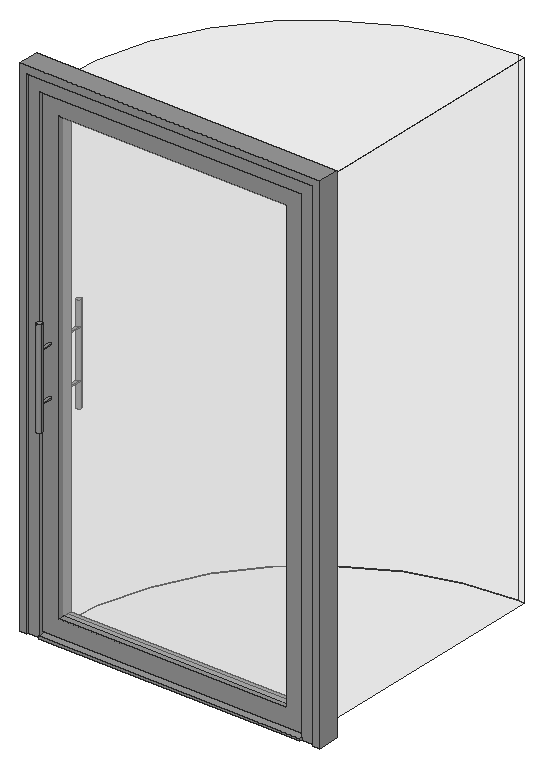
Revit family "AVLN_Дверь_Однопольная_Алюминиевая", category Двери, Revit 2021
Family settings
  Основа = Стена
  Номер OmniClass = 23.30.10.00
  Заголовок OmniClass = Doors
  Всегда вертикально = Да
  При загрузке вырезать с полостями = Нет
  Общий = Нет
  Точка принадлежности помещению = Нет
Parameters (values of type "Дверь_наружняя_левая_1240х2100")
  Ширина полотна [instance] = Width - Монтажный зазор * 2 - Коробка толщина * 2 - 10 mm  # 1010 mm
  Фрамуга = no
  Тонкая линия проема [instance] = yes
  Толщина коробки = 70 mm
  Толщина = 85 mm  # constant formula
  Тип ручки = Дв_Дверная ручка : Ручка стационарная
  Смещение проема [instance] = 0 mm
  Смещение внутрь = 10 mm
  СП1 [instance] = if(Смещение проема = 0 mm, 10 mm, 0 mm)  # 10 mm
  Ручка смещение = 10 mm  # constant formula
  Ручка высота = 1000 mm  # constant formula
  Рабочая зона = no
  Rough Width = Width - Монтажный зазор * 2  # 1180 mm
  Rough Height = Height - Монтажный зазор  # 2070 mm
  Правая = no
  Порог_наружный_смещение [instance] = 0 mm
  Порог_внутренний_смещение [instance] = 0 mm
  Порог_внутренний [instance] = no
  Порожек = yes
  Порог [instance] = no
  Определить тепловые свойства по = Тип схем
  Открывание 30° = yes
  Монтажный зазор = 30 mm
  Материал_Рама = Аллюминиевый
  Материал_Рабочая зона = none
  Материал_Панель.Фрамуги = ADSK_Стекло_Прозрачное бесцветное
  Материал_Панель.2 = AVLN_Остекление окон и дверей
  Материал_Монтажный зазор = Монтажный зазор
  Материал_Панель.1 = AVLN_Остекление окон и дверей
  Материал_Дверной ручки = Аллюминиевый
  Левая = not(Правая)  # yes
  Коробка.Доп.Ширина = 20 mm  # constant formula
  Коробка толщина = 80 mm  # constant formula
  Type Comments = ""
  Заполнение под проемом_Видимость [instance] = if(Смещение проема = 0 mm, 1 = 0, 1 = 1)  # no
  Функция = Наружные слои
  Группа модели = "Дверь"
  Горизонтальный импост = no
  Глухое заполнение фрамуги = no
  Высота фрамуги = 450 mm
  Высота порога = 10 mm
  Высота горизонтального импоста = 750 mm
  ВФ2 = if(ВФ = 40 mm, 0 mm, 30 mm)  # 0 mm
  ВФ = if(not(Фрамуга), 40 mm, Высота фрамуги + 70 mm)  # 40 mm
  ВП = if(not(Порожек), 0 mm, Высота порога)  # 10 mm
  Height = 2100 mm
  Замыкание стены = По основе
  Width = 1240 mm
  Аналитическая конструкция = "<Нет>"
  АВЛН_Проем_Ширина [instance] = Width  # 1240 mm
  АВЛН_Проем_Высота [instance] = Height + Смещение проема  # 2100 mm
  ADSK_Примечание [instance] = ""
  ADSK_Позиция [instance] = ""
  ADSK_Площадь [instance] = 0.00 m²
  ADSK_Обозначение = "ГОСТ 23747-2015"
  ADSK_Наименование = "ДО-24-13л"
  ADSK_Масса = 0
  ADSK_Марка [instance] = "ДН4"
  ADSK_Количество [instance] = 0
  ADSK_Единица измерения [instance] = ""
  СМ = Смещение внутрь + Толщина  # 95 mm
  1 = Монтажный зазор * 2 + 110 mm  # 170 mm
Types (10, lengths in mm): name | Ширина полотна | Фрамуга | Толщина коробки | Смещение внутрь | Рабочая зона | Rough Width | Rough Height | Правая | Открывание 30° | Монтажный зазор | Материал_Рама | Материал_Рабочая зона | Материал_Панель.Фрамуги | Материал_Панель.2 | Материал_Монтажный зазор | Материал_Панель.1 | Материал_Дверной ручки | Левая | Type Comments | Глухое заполнение фрамуги | ВФ2 | ВФ | Height | Width | АВЛН_Проем_Ширина | АВЛН_Проем_Высота | ADSK_Обозначение | ADSK_Наименование | ADSK_Марка | СМ | 1
  Дверь_наружняя_левая_1240х2100 | 1010 | no | 70 | 10 | no | 1180 | 2070 | no | yes | 30 | Аллюминиевый | none | ADSK_Стекло_Прозрачное бесцветное | AVLN_Остекление окон и дверей | Монтажный зазор | AVLN_Остекление окон и дверей | Аллюминиевый | yes | "" | no | 0 | 40 | 2100 | 1240 | 1240 | 2100 | "ГОСТ 23747-2015" | "ДО-24-13л" | "ДН4" | 95 | 170
  Дверь_наружняя_правая_1240х2100 | 1030 | no | 70 | 10 | no | 1200 | 2080 | yes | yes | 20 | AVLN_Материал импоста_RAL 7024 | AVLN_Материал импоста_RAL 7024 | ADSK_Стекло_Прозрачное бесцветное | ADSK_Стекло_Прозрачное бесцветное | AVLN_Материал импоста_RAL 7024 | АВЛН_Остекление окон и дверей | AVLN_Материал импоста_RAL 7024 | no | "Двери наружные" | yes | 0 | 40 | 2100 | 1240 | 1240 | 2100 | "ГОСТ 23747-2015" | "ДО-24-13л" | "ДН4" | 95 | 150
  Дверь_наружняя_правая_1000х2100 | 890 | no | 70 | 10 | no | 1060 | 2080 | yes | yes | 20 | AVLN_Материал импоста_RAL 7024 | AVLN_Материал импоста_RAL 7024 | ADSK_Стекло_Прозрачное бесцветное | AVLN_Остекление окон и дверей | AVLN_Материал импоста_RAL 7024 | AVLN_Остекление окон и дверей | AVLN_Материал импоста_RAL 7024 | no | "" | no | 0 | 40 | 2100 | 1100 | 1100 | 2100 | "ГОСТ 23747-2015" | "ДО-24-13л" | "ДН4" | 95 | 150
  Дверь_наружняя_с фрамугой_левая_1270х2500 | 1100 | yes | 95 | 50 | yes | 1270 | 2465 | no | no | 35 | Аллюминиевый | none | ADSK_Стекло_Прозрачное бесцветное | ADSK_Стекло_Прозрачное бесцветное | Монтажный зазор | ADSK_Стекло_Прозрачное бесцветное | Аллюминиевый | yes | "" | yes | 30 | 520 | 2500 | 1340 | 1340 | 2500 | "ДАН О П Ф Оп Л Р" | "ГОСТ 23747-2015" | "" | 135 | 180
  Дверь_наружняя_левая_1270х2100 | 1100 | no | 95 | 50 | yes | 1270 | 2065 | no | no | 35 | Аллюминиевый | none | ADSK_Стекло_Прозрачное бесцветное | ADSK_Стекло_Прозрачное бесцветное | Монтажный зазор | ADSK_Стекло_Прозрачное бесцветное | Аллюминиевый | yes | "" | yes | 0 | 40 | 2100 | 1340 | 1340 | 2100 | "ДАН О П Оп Л Р" | "ГОСТ 23747-2015" | "" | 135 | 180
  Дверь_наружняя_правая_1270х2100 | 1100 | no | 95 | 50 | yes | 1270 | 2065 | yes | no | 35 | Аллюминиевый | none | ADSK_Стекло_Прозрачное бесцветное | ADSK_Стекло_Прозрачное бесцветное | Монтажный зазор | ADSK_Стекло_Прозрачное бесцветное | Аллюминиевый | no | "" | yes | 0 | 40 | 2100 | 1340 | 1340 | 2100 | "ДАН О П Оп Пр Р" | "ГОСТ 23747-2015" | "" | 135 | 180
  Дверь_наружняя_с фрамугой_правая_1270х2500 | 1100 | yes | 70 | 0 | yes | 1270 | 2465 | yes | no | 35 | Аллюминиевый | none | ADSK_Стекло_Прозрачное бесцветное | ADSK_Стекло_Прозрачное бесцветное | Монтажный зазор | ADSK_Стекло_Прозрачное бесцветное | Аллюминиевый | no | "" | yes | 30 | 520 | 2500 | 1340 | 1340 | 2500 | "ДАН О П Ф Оп Пр Р" | "ГОСТ 23747-2015" | "" | 85 | 180
  Дверь_наружняя_левая_1000х2100 | 890 | no | 70 | 10 | no | 1060 | 2080 | no | yes | 20 | AVLN_Материал импоста_RAL 7024 | AVLN_Материал импоста_RAL 7024 | AVLN_Остекление окон и дверей | AVLN_Остекление окон и дверей | AVLN_Материал импоста_RAL 7024 | АВЛН_Остекление окон и дверей | AVLN_Материал импоста_RAL 7024 | yes | "Двери наружные" | no | 0 | 40 | 2100 | 1100 | 1100 | 2100 | "ГОСТ 23747-2015" | "ДО-24-13л" | "ДН4" | 95 | 150
  Дверь_наружняя_с фрамугой_правая_1260х2400 | 1050 | yes | 70 | 10 | yes | 1220 | 2380 | yes | yes | 20 | Аллюминиевый | none | ADSK_Стекло_Прозрачное бесцветное | ADSK_Стекло_Прозрачное бесцветное | Монтажный зазор | ADSK_Стекло_Прозрачное бесцветное | Аллюминиевый | no | "" | yes | 30 | 520 | 2400 | 1260 | 1260 | 2400 | "ГОСТ 23747-2015" | "ДО-24-13" | "ДН3" | 95 | 150
  Дверь_наружняя_с фрамугой_левая_1260х2400 | 1050 | yes | 70 | 10 | yes | 1220 | 2380 | no | yes | 20 | Аллюминиевый | none | ADSK_Стекло_Прозрачное бесцветное | ADSK_Стекло_Прозрачное бесцветное | Монтажный зазор | ADSK_Стекло_Прозрачное бесцветное | Аллюминиевый | yes | "" | yes | 30 | 520 | 2400 | 1260 | 1260 | 2400 | "ГОСТ 23747-2015" | "ДО-24-13л" | "ДН4" | 95 | 150
Reference planes
  plane 1: y = 0
  plane 2 "По центру (Влево/Вправо)": x = 0
  plane 3 "Слева": x = -620
  plane 4 "Справа": x = 620
  plane 5: z = 2100
  plane 6 "Наружный": y = 150
  plane 7 "Внутренние": y = -150
  plane 8: z = 0
  plane 9: x = -590
  plane 10: x = 590
  plane 11: x = 510
  plane 12: x = -510
  plane 13: z = 2070
  plane 14: z = 1990
  plane 15 "Полотно_Н": y = 140
  plane 16 "Полотно_В": y = 55
  plane 17: z = -10
  plane 18: x = -500
  plane 19: x = 500
  plane 20: z = 1000
  plane 21: z = 1015
  plane 22: z = 1970
  plane 23: y = 1380
  plane 24: z = 1050
  plane 25 "ОТКР_Г": y = 155
  plane 26: z = 2030
  plane 27: z = 2030
  plane 28: x = 550
  plane 29: x = -550
  plane 30: z = 10
  plane 31: z = 30
  plane 32 "ОТКР_Д": y = 60
  plane 33: x = -530.2
  plane 34: x = -520
  plane 35: x = 520
  plane 36: z = 10
  plane 37: y = 150
  plane 38: y = -150
  plane 39: x = -540
  plane 40: y = 1210
  plane 41: x = 540
Forms (mm)
  Extrusion 1, solid, visible <- "Заполнение под проемом_Видимость", detail levels fine
    sketch origin (0, 150, 0) x (1, 0, 0) y (0, 0, 1)
      loop
        line (620, 0) -> (-620, 0) -> (-620, -10) -> (620, -10) -> (620, 0)
    from 10 to 95
  Extrusion 2, solid, material "Монтажный зазор" <- "Материал_Монтажный зазор", detail levels fine
    sketch origin (0, -150, 0) x (1, 0, 0) y (0, 0, 1)
      loop
        line (-620, 0) -> (-590, 0) -> (-590, 2070) -> (590, 2070) -> (590, 0) -> (620, 0) -> (620, 2100) -> (-620, 2100) -> (-620, 0)
    from -290 to -205
  Extrusion 3, void
    sketch origin (0, 0, 0) x (1, 0, 0) y (0, 1, 0)
      loop
        line (-620, 1380) -> (-620, 140) -> (620, 140) -> (620, 1380) -> (-620, 1380)
    from 0 to 2100
  Extrusion 4, solid, material "Аллюминиевый" <- "Материал_Рама"
    sketch origin (0, -150, 0) x (1, 0, 0) y (0, 0, 1)
      loop
        line (540, 0) -> (590, 0) -> (590, 2070) -> (-590, 2070) -> (-590, 0) -> (-540, 0) -> (-540, 2020) -> (540, 2020) -> (540, 0)
    from -290 to -210
  Extrusion 5, solid, material "Зоны открывания", visible <- "Правая"
    sketch origin (0, 0, 0) x (1, 0, 0) y (0, 1, 0)
      loop
        line (-540, 130) -> (540, 130)
        arc (540, 130) -> (240.218, 892.092) -> (-514.493, 1210) r 1054.794
        line (-514.493, 1210) -> (-540, 1210) -> (-540, 130)
    from 0 to 2020
  Extrusion 6, solid, material "Зоны открывания", visible <- "Левая"
    sketch origin (0, 0, 0) x (-1, 0, 0) y (0, -1, 0)
      loop
        line (-540, -130) -> (-540, -1210) -> (-514.493, -1210)
        arc (-514.493, -1210) -> (240.218, -892.092) -> (540, -130) r 1054.794
        line (540, -130) -> (-540, -130)
    from 0 to 2020
Lines and regions (mm)
  Opening 1
    outline origin (-3050, -150, 0) x (1, 0, 0) y (0, 0, 1)
      loop
        line (2430, 0) -> (3670, 0) -> (3670, 2100) -> (2430, 2100) -> (2430, 0)
  Masking region 1, visible <- "Тонкая линия проема"
    outline origin (129.09, 39.593, 0) x (1, 0, 0) y (0, 1, 0)
      loop
        line (-728.039, 110.407) -> (-749.09, 110.407) -> (-749.09, -189.593) -> (-749.09, -199.593) -> (490.91, -199.593) -> (490.91, -189.593) -> (490.91, 110.407) -> (468.436, 110.407) -> (-728.039, 110.407)
  model lines, style "Открывание_Внутрь", visible <- "Левая"
    curve 1: line (520, 60, 2030) -> (-520, 60, 1015)
    curve 2: line (-520, 60, 1015) -> (520, 60, 30)
  model lines, style "Открывание_Внутрь", visible <- "Правая"
    curve 3: line (-520, 60, 30) -> (520, 60, 1015)
    curve 4: line (520, 60, 1015) -> (-520, 60, 2000)
  model lines, style "Открывание_Наружу", visible <- "Правая"
    curve 5: line (-550, 155, 10) -> (550, 155, 1015)
    curve 6: line (550, 155, 1015) -> (-550, 155, 2030)
  model lines, style "Открывание_Наружу", visible <- "Левая"
    curve 7: line (550, 155, 2030) -> (-550, 155, 1015)
    curve 8: line (-550, 155, 1015) -> (550, 155, 10)
  model lines, style "Рабочая зона", visible <- "Рабочая зона"
    curve 9: line (-620, 140, 0) -> (-620, 1380, 0)
    curve 10: line (-620, 1380, 0) -> (620, 1380, 0)
    curve 11: line (620, 140, 0) -> (620, 1380, 0)
  symbolic lines, style "Порог", visible <- "Порог"
    curve 12: line (-620, 150, 0) -> (620, 150, 0)
  symbolic lines, style "Порог", visible <- "Порог_внутренний"
    curve 13: line (-620, -150, 0) -> (620, -150, 0)
Text (mm)
  text "Наружный" at (-2295.016, 1099.543, 0), in view "Опорный уровень"
  text "Наружный" at (0, 1615.38, 3698.081), in view "Слева"
  text "Наружный" at (0, 1036.032, 3874.932), in view "Справа"
Dimensions and locks
  equal spacing: plane 3 "Слева", plane 2 "По центру (Влево/Вправо)", plane 4 "Справа"
  "Width": plane 3 "Слева" to plane 4 "Справа"
  host wall to plane 5 = 2564.966 mm  (x2)
  locked: plane 6 "Наружный" to host wall
  locked: plane 7 "Внутренние" to host wall
  plane 8 to level = 0 mm
  "Height": level to plane 5
  "Монтажный зазор": plane 3 "Слева" to plane 9
  "Монтажный зазор": plane 10 to plane 4 "Справа"
  "Смещение внутрь": plane 15 "Полотно_Н" to plane 6 "Наружный"
  "Толщина": plane 15 "Полотно_Н" to plane 16 "Полотно_В"
  level to plane 17 = 10 mm
  "Монтажный зазор": plane 13 to plane 5
  "Коробка толщина": plane 14 to plane 13
  "Коробка толщина": plane 12 to plane 9
  "Коробка толщина": plane 11 to plane 10
  "Смещение проема": level to plane 8
  "Ручка высота": level to plane 20
  "Ручка смещение": plane 12 to plane 18
  "Ручка смещение": plane 19 to plane 11
  equal spacing: level, plane 21, plane 26
  equal spacing: plane 7 "Внутренние", plane 1, plane 6 "Наружный"
  "Коробка.Доп.Ширина": plane 14 to plane 22
  "Width": plane 23 to plane 15 "Полотно_Н"
  plane 15 "Полотно_Н" to plane 16 "Полотно_В" = 85 mm
  locked: plane 25 "ОТКР_Г" to plane 15 "Полотно_Н" at 15
  "ВФ": plane 13 to plane 26
  equal spacing: level, plane 24, plane 5
  "ВФ2": plane 26 to plane 27
  locked: plane 10 to plane 28 at 40
  locked: plane 9 to plane 29 at 40
  locked: plane 36 to plane 30 at 0
  locked: plane 31 to plane 36 at 20
  "СМ": nested 7 to plane 6 "Наружный"
  "СП1": plane 17 to plane 8
  "Коробка толщина": plane 15 "Полотно_Н" to plane 32 "ОТКР_Д"
  locked: plane 9 to plane 34 at 70
  locked: plane 10 to plane 35 at 70
  "ВП": plane 36 to level
  "Порог_внутренний_смещение": plane 7 "Внутренние" to plane 38
  "Порог_наружный_смещение": plane 6 "Наружный" to plane 37
  locked: plane 9 to plane 39 at 50
  "1": plane 23 to plane 40
  locked: plane 41 to plane 10 at 50
  aligned and locked: plane 3 "Слева" to Opening 1 sketch curve
  aligned and locked: Opening 1 sketch curve to plane 4 "Справа"
  aligned and locked: plane 1 to host wall
  aligned and locked: plane 8 to Opening 1 sketch curve
  aligned and locked: level to Extrusion 1 sketch curve
  aligned and locked: Extrusion 1 sketch curve to plane 4 "Справа"
  aligned and locked: Extrusion 1 sketch curve to host wall
  aligned and locked: Extrusion 1 to plane 16 "Полотно_В"
  aligned and locked: plane 15 "Полотно_Н" to Extrusion 1
  aligned and locked: Extrusion 1 sketch curve to plane 17
  aligned and locked: plane 5 to Opening 1 sketch curve
  aligned and locked: Extrusion 2 sketch curve to plane 4 "Справа"
  aligned and locked: Extrusion 2 sketch curve to plane 10
  aligned and locked: Extrusion 2 sketch curve to plane 5
  aligned and locked: Extrusion 2 sketch curve to plane 13
  aligned and locked: plane 3 "Слева" to Extrusion 2 sketch curve
  aligned and locked: plane 9 to Extrusion 2 sketch curve
  aligned and locked: Extrusion 2 sketch curve to level  (x2)
  aligned and locked: nested 5 to plane 4 "Справа"
  aligned and locked: nested 5 to plane 3 "Слева"
  aligned and locked: nested 5 to plane 15 "Полотно_Н"
  aligned and locked: nested 6 to plane 3 "Слева"
  aligned and locked: nested 6 to plane 4 "Справа"
  aligned and locked: plane 15 "Полотно_Н" to nested 6
  aligned and locked: plane 15 "Полотно_Н" to Extrusion 2
  aligned and locked: curve 9 to plane 3 "Слева"
  aligned and locked: curve 10 to plane 23
  aligned and locked: curve 11 to plane 4 "Справа"
  aligned and locked: plane 15 "Полотно_Н" to curve 9
  aligned and locked: plane 15 "Полотно_Н" to curve 11
  aligned and locked: Extrusion 3 sketch curve to plane 23
  aligned and locked: Extrusion 3 sketch curve to plane 3 "Слева"
  aligned and locked: Extrusion 3 sketch curve to plane 15 "Полотно_Н"
  aligned and locked: Extrusion 3 sketch curve to plane 4 "Справа"
  aligned and locked: Extrusion 3 to plane 5
  aligned and locked: Extrusion 2 to plane 16 "Полотно_В"
  aligned and locked: plane 26 to curve 1
  aligned and locked: plane 27 to curve 7
  aligned and locked: plane 29 to curve 6
  aligned and locked: plane 27 to curve 6
  aligned and locked: plane 28 to curve 8
  aligned and locked: plane 30 to curve 8
  aligned and locked: plane 29 to curve 5
  aligned and locked: plane 30 to curve 5
  aligned and locked: plane 31 to curve 3
  aligned and locked: plane 31 to curve 2
  aligned and locked: plane 28 to curve 6
  aligned and locked: plane 21 to curve 6
  aligned and locked: plane 29 to curve 8
  aligned and locked: plane 21 to curve 8
  aligned and locked: nested 1 to plane 32 "ОТКР_Д"
  aligned and locked: plane 32 "ОТКР_Д" to nested 3
  aligned and locked: nested 2 to plane 25 "ОТКР_Г"
  aligned and locked: plane 25 "ОТКР_Г" to nested 4
  aligned and locked: plane 34 to curve 2
  aligned and locked: plane 21 to curve 1
  aligned and locked: plane 35 to curve 4
  aligned and locked: plane 21 to curve 4
  aligned and locked: nested 7 to curve 4
  aligned and locked: plane 34 to curve 4
  aligned and locked: plane 35 to curve 1
  aligned and locked: nested 7 to plane 2 "По центру (Влево/Вправо)"
  aligned and locked: plane 4 "Справа" to curve 12
  aligned and locked: plane 3 "Слева" to curve 12
  aligned and locked: curve 12 to plane 37
  aligned and locked: curve 13 to plane 38
  aligned and locked: host wall to Masking region 1 sketch curve  (x4)
  aligned and locked: Extrusion 3 to host wall  (x2)
  aligned and locked: plane 23 to Extrusion 3
  aligned and locked: Extrusion 4 sketch curve to plane 8  (x2)
  aligned and locked: plane 10 to Extrusion 4 sketch curve
  aligned and locked: Extrusion 4 sketch curve to plane 9
  aligned and locked: Extrusion 4 to plane 13
  aligned and locked: nested 7 to Extrusion 4 sketch curve
  aligned and locked: Extrusion 4 sketch curve to nested 7  (x2)
  aligned and locked: plane 15 "Полотно_Н" to Extrusion 4
  aligned and locked: Extrusion 4 to plane 32 "ОТКР_Д"
  aligned and locked: nested 3 to plane 18
  aligned and locked: nested 1 to plane 19
  aligned and locked: plane 18 to nested 4
  aligned and locked: plane 19 to nested 2
  aligned and locked: Extrusion 5 sketch curve to plane 39
  aligned and locked: Extrusion 5 sketch curve to nested 7
  aligned and locked: plane 40 to Extrusion 5 sketch curve
  aligned and locked: Extrusion 4 to Extrusion 5 sketch curve
  aligned and locked: Extrusion 5 to Extrusion 4
  aligned and locked: Extrusion 5 to plane 8
  aligned and locked: Extrusion 6 sketch curve to plane 41
  aligned and locked: Extrusion 6 sketch curve to Extrusion 5
  aligned and locked: Extrusion 4 to Extrusion 6 sketch curve
  aligned and locked: plane 40 to Extrusion 6 sketch curve
  aligned and locked: Extrusion 6 to plane 8
  aligned and locked: Extrusion 6 to Extrusion 5
Automatic sketch dimensions
  curve 13 to plane 3 "Слева" = 0 mm
  curve 13 to plane 4 "Справа" = 0 mm
  curve 7 to plane 28 = 0 mm
  curve 2 to plane 35 = 0 mm
  plane 34 to curve 3 = 0 mm
  Masking region 1 sketch curve to plane 3 "Слева" = 0 mm
  Masking region 1 sketch curve to plane 4 "Справа" = 0 mm
  Masking region 1 sketch curve to plane 9 = 8.949 mm
  plane 10 to Masking region 1 sketch curve = 7.525 mm
  host wall to Masking region 1 sketch curve = 10 mm
  Extrusion 4 sketch curve to plane 13 = 0 mm
  plane 12 to Extrusion 5 sketch curve = 4.493 mm
  Extrusion 6 sketch curve to Extrusion 6 sketch curve = 25.507 mm
Nested families
  nested 1: "Дв_Дверная ручка" at (500, 60, -40), visible <- "Правая", type <- "Тип ручки", type "Ручка стационарная", detail levels fine
    with Высота расположения дверной ручки 1040 mm
  nested 2: "Дв_Дверная ручка" at (500, 155, -40), visible <- "Правая", type <- "Тип ручки", type "Ручка стационарная", detail levels fine
    with Высота расположения дверной ручки 1040 mm
  nested 3: "Дв_Дверная ручка" at (-500, 60, -40) x (-1, 0, 0) z (0, 0, 1), visible <- "Левая", type <- "Тип ручки", type "Ручка стационарная", detail levels fine
    with Высота расположения дверной ручки 1040 mm
  nested 4: "Дв_Дверная ручка" at (-500, 155, -40) x (-1, 0, 0) z (0, 0, 1), visible <- "Левая", type <- "Тип ручки", type "Ручка стационарная", detail levels fine
    with Высота расположения дверной ручки 1040 mm
  nested 5: "АС-Однопольная-Обозначение на плане" at (0, 140, 0), Width <- "Width", Height <- "Rough Height", Полотно.Ширина <- "Ширина полотна", Rough Width <- "Rough Width", visible <- "Левая", Коробка.Ширина <- "Коробка.Доп.Ширина", Коробка.Толщина <- "Толщина", Толщина <- "Коробка толщина", type "АС-Стандарт"
    with Width 1240 mm, Толщина 80 mm, Rough Width 1180 mm, Полотно.Ширина 1010 mm, Коробка.Ширина 20 mm, Коробка.Толщина 85 mm, Height 2070 mm, Открывание двери 90 no, Открывание двери 30 yes, Линия открывания (дуга) no
  nested 6: "АС-Однопольная-Обозначение на плане" at (0, 140, 0) x (-1, 0, 0) z (0, 0, 1), Width <- "Width", Height <- "Rough Height", Полотно.Ширина <- "Ширина полотна", Rough Width <- "Rough Width", visible <- "Правая", Коробка.Ширина <- "Коробка.Доп.Ширина", Коробка.Толщина <- "Толщина", Толщина <- "Коробка толщина", type "АС-Стандарт"
    with Width 1240 mm, Толщина 80 mm, Rough Width 1180 mm, Полотно.Ширина 1010 mm, Коробка.Ширина 20 mm, Коробка.Толщина 85 mm, Height 2070 mm, Открывание двери 90 no, Открывание двери 30 yes, Линия открывания (дуга) no
  nested 7: "Алюминий" at (0, 55, 0) x (-1, 0, 0) z (0, 0, 1), Толщина коробки <- "Толщина коробки", type "Алюминий", detail levels fine
    with Толщина коробки 70 mm, Width 1240 mm, Фрамуга no, МЗЗ 30 mm, Height 2100 mm, ВФ2 0 mm, ВФ 250 mm
Definition of nested family "Дв_Дверная ручка"
  Parameters (values of type "Ручка нажимная")
    Ручка стационарная = no
    Ручка нажимная = yes
    Define Thermal Properties by = 1
    Материал дверной ручки = none
    Высота расположения дверной ручки [instance] = 1040 mm
    Analytic Construction = "<Нет>"
    b = 25 mm
    a = 75 mm
  Types (3, lengths in mm): name | Ручка стационарная | Ручка нажимная | Высота расположения дверной ручки | a
    (no name) | no | yes | 1040 | 75
    Ручка нажимная | no | yes | 1040 | 75
    Ручка стационарная | yes | no | 1040.051 | 74.898
  Reference planes
    plane 1 "По центру (Вперед/Назад)": y = 0
    plane 2: z = 0
    plane 3 "По центру (Влево/Вправо)": x = 0
    plane 4: z = 1040
    plane 5: x = -12.5
    plane 6: x = 12.5
    plane 7: z = 1077.5
    plane 8: z = 1002.5
    plane 9: y = -15
    plane 10: y = -55
    plane 11: z = 1240.102
    plane 12: z = 840
  Forms (mm)
    Extrusion 1, solid, material <- "Материал дверной ручки", visible <- "Ручка нажимная"
      sketch origin (0, 0, 0) x (1, 0, 0) y (0, 0, 1)
        loop
          arc (-2.5, 1077.5) -> (-9.571, 1074.571) -> (-12.5, 1067.5) r 10
          line (-12.5, 1067.5) -> (-12.5, 1012.5)
          arc (-12.5, 1012.5) -> (-9.571, 1005.429) -> (-2.5, 1002.5) r 10
          line (-2.5, 1002.5) -> (2.5, 1002.5)
          arc (2.5, 1002.5) -> (9.571, 1005.429) -> (12.5, 1012.5) r 10
          line (12.5, 1012.5) -> (12.5, 1067.5)
          arc (12.5, 1067.5) -> (9.571, 1074.571) -> (2.5, 1077.5) r 10
          line (2.5, 1077.5) -> (-2.5, 1077.5)
      from 0 to 15
    Sweep 2, solid, material <- "Материал дверной ручки", visible <- "Ручка нажимная"
      path origin (0, 0, 2080) x (0, 1, 0) y (-1, 0, 0)
        loop
          line (-15, 0) -> (-38.261, 0)
          arc (-38.261, 0) -> (-45.332, 2.929) -> (-48.261, 10) r 10
          line (-48.261, 10) -> (-48.261, 130)
      profile origin (0, -26.63, 2080) x (1, 0, 0) y (0, 0, 1)
        loop
          circle (0, -1040) r 8
    Extrusion 3, solid, material <- "Материал дверной ручки", visible <- "Ручка стационарная"
      sketch origin (0, 0, 0) x (1, 0, 0) y (0, 0, 1)
        loop
          circle (0, 1140.126) r 5
      from 0 to 55
    Extrusion 4, solid, material <- "Материал дверной ручки", visible <- "Ручка стационарная"
      sketch origin (0, 0, -200.126) x (1, 0, 0) y (0, 0, 1)
        loop
          circle (0, 1140.126) r 5
      from 0 to 55
    Extrusion 5, solid, material <- "Материал дверной ручки", visible <- "Ручка стационарная"
      sketch origin (0, 112.733, 0) x (1, 0, 0) y (0, 1, 0)
        loop
          circle (0, -167.733) r 10
      from 840 to 1240.102
  Dimensions and locks
    "Высота расположения дверной ручки": plane 4 to level
    "a": plane 7 to plane 8
    "b": plane 6 to plane 5
    equal spacing: plane 6, plane 3 "По центру (Влево/Вправо)", plane 5
    locked: plane 1 "По центру (Вперед/Назад)" to plane 9 at 15
    equal spacing: plane 7, plane 4, plane 8
    Extrusion 4 to plane 4 to Extrusion 3 = 100 mm, 100.126 mm
    plane 11 to plane 12 = 400.102 mm
    aligned and locked: level to plane 2
    aligned and locked: Extrusion 1 sketch curve to plane 7
    aligned and locked: plane 5 to Extrusion 1 sketch curve
    aligned and locked: plane 8 to Extrusion 1 sketch curve
    aligned and locked: Extrusion 1 sketch curve to plane 6
    aligned and locked: Extrusion 1 to plane 1 "По центру (Вперед/Назад)"
    aligned and locked: plane 4 to Sweep 2
    aligned and locked: plane 10 to Extrusion 3
    aligned and locked: Extrusion 4 to Extrusion 3
    aligned and locked: Extrusion 3 to plane 1 "По центру (Вперед/Назад)"
    aligned and locked: Extrusion 4 to plane 1 "По центру (Вперед/Назад)"
    aligned and locked: plane 10 to Extrusion 5
    aligned and locked: plane 11 to Extrusion 5
    aligned and locked: Extrusion 5 to plane 12
  Automatic sketch dimensions
    Extrusion 5 sketch curve to plane 3 "По центру (Влево/Вправо)" = 0 mm
    plane 10 to Extrusion 5 sketch curve = 0 mm
    Sweep 2 sketch curve to plane 3 "По центру (Влево/Вправо)" = 0 mm
    plane 9 to Sweep 2 sketch curve = 0 mm
    Sweep 2 sketch curve to plane 10 = 16.739 mm
    Sweep 2 sketch curve to plane 10 = 6.739 mm
    Sweep 2 sketch curve to Sweep 2 sketch curve = 120 mm
    profile plane to Sweep 2 sketch curve = 0 mm
    Sweep 2 sketch curve to profile plane = 1040 mm
    Extrusion 3 sketch curve to plane 3 "По центру (Влево/Вправо)" = 0 mm
    Extrusion 3 sketch curve to plane 11 = 99.976 mm
    Extrusion 4 sketch curve to plane 3 "По центру (Влево/Вправо)" = 0 mm
    Extrusion 4 sketch curve to plane 4 = 100 mm
    Extrusion 1 sketch curve to plane 3 "По центру (Влево/Вправо)" = 2.5 mm  (x2)
    plane 3 "По центру (Влево/Вправо)" to Extrusion 1 sketch curve = 2.5 mm  (x2)
    radius of Extrusion 5 sketch curve = 10 mm
    radius of Sweep 2 sketch curve = 8 mm
    radius of Extrusion 3 sketch curve = 5 mm
    radius of Extrusion 4 sketch curve = 5 mm
Definition of nested family "Алюминий"
  Parameters (values of type "Алюминий")
    Width = 1340 mm
    Фрамуга = yes
    Толщина коробки [instance] = 95 mm
    Порог = yes
    Define Thermal Properties by = 1
    МЗЗ = 35 mm
    М.Панель.Фрамуги = none
    М.Панель.2 = none
    М.Панель.1 = none
    Горизонтальный импост = no
    Глухое заполнение сверху = yes
    Высота порога = 10 mm
    Height = 2500 mm
    ВФ2 = if(not(Фрамуга), 0 mm, Высота фрамуги)  # 450 mm
    ВФ = if(ВФ2 = 0 mm, 250 mm, ВФ2 - 40 mm)  # 410 mm
    Высота фрамуги = 450 mm
    ВП2 = if(Порог, Высота порога, 0 mm)  # 10 mm
    ВП1 = 20 mm + Высота порога  # 30 mm
    БГИ = not(Горизонтальный импост)  # yes
    М.Рама = none
    ГИ = Горизонтальный импост  # no
    Высота ГИ = 750 mm
    Analytic Construction = "<Нет>"
  Reference planes
    plane 1 "По центру (Вперед/Назад)": y = 0
    plane 2: z = 0
    plane 3 "По центру (Влево/Вправо)": x = 0
    plane 4: x = -635
    plane 5: x = 635
    plane 6: z = 2465
    plane 7: y = -60
    plane 8: x = -585
    plane 9: x = 585
    plane 10: z = 2415
    plane 11: z = 1232.5
    plane 12: z = 20
    plane 13: y = -35
    plane 14: y = -55
    plane 15: x = -490
    plane 16: x = 490
    plane 17: z = 750
    plane 18: z = 760
    plane 19: z = 740
    plane 20: z = 1965
    plane 21: z = 2005
    plane 22: z = 2415
    plane 23: z = 1985
    plane 24: x = -565
    plane 25: x = 565
    plane 26: z = 2100
    plane 27: z = 2500
    plane 28: x = -670
    plane 29: x = 670
    plane 30: z = 10
    plane 31: z = 30
    plane 32: z = 1870
    plane 33: z = 115
  Forms (mm)
    Extrusion 1, solid, material <- "М.Панель.1", visible <- "БГИ", detail levels fine
      sketch origin (0, 0, 0) x (1, 0, 0) y (0, 0, 1)
        loop
          line (-490, 1870) -> (-490, 115) -> (490, 115) -> (490, 1870) -> (-490, 1870)
      from 35 to 55
    Sweep 2, solid, material <- "М.Рама", visible <- "ГИ", detail levels fine
      path origin (0, 0, 0) x (1, 0, 0) y (0, 0, 1)
        loop
          line (-490, 750) -> (490, 750)
      profile "Профиль 3 : Профиль 3" origin (0, 0, 750) x (0, 0, 1) y (0, -1, 0)
        loop
          line (-40, 15) -> (40, 15) -> (40, 35) -> (10, 35) -> (10, 55) -> (40, 55) -> (40, 75) -> (-40, 75) -> (-40, 55) -> (-10, 55) -> (-10, 35) -> (-40, 35) -> (-40, 15)
    Extrusion 3, solid, material <- "М.Панель.1", visible <- "ГИ", detail levels fine
      sketch origin (0, 0, 0) x (1, 0, 0) y (0, 0, 1)
        loop
          line (-490, 1870) -> (-490, 760) -> (490, 760) -> (490, 1870) -> (-490, 1870)
      from 35 to 55
    Extrusion 4, solid, material <- "М.Панель.2", visible <- "ГИ", detail levels fine
      sketch origin (0, 0, 0) x (1, 0, 0) y (0, 0, 1)
        loop
          line (-490, 740) -> (-490, 115) -> (490, 115) -> (490, 740) -> (-490, 740)
      from 35 to 55
    Sweep 5, solid, material <- "М.Рама", visible <- "Фрамуга", detail levels fine
      path origin (0, 0, 0) x (1, 0, 0) y (0, 0, 1)
        loop
          line (-585, 1985) -> (585, 1985)
      profile "Профиль 4 : Профиль 4" origin (0, 0, 1985) x (0, 0, 1) y (0, -1, 0)
        loop
          line (40, 0) -> (40, 15) -> (15, 15) -> (15, 60) -> (-15, 60) -> (-15, 15) -> (-40, 15) -> (-40, 0) -> (40, 0)
    Extrusion 6, solid, material <- "М.Панель.Фрамуги", visible <- "Фрамуга", detail levels fine
      sketch origin (0, 0, 0) x (1, 0, 0) y (0, 0, 1)
        loop
          line (-585, 2415) -> (-585, 2005) -> (585, 2005) -> (585, 2415) -> (-585, 2415)
      from 35 to 55
    Sweep 7, solid, material <- "М.Рама", visible <- "Порог", detail levels fine
      path origin (0, 0, 0) x (1, 0, 0) y (0, 0, 1)
        loop
          line (-585, 0) -> (585, 0)
      profile "Профиль 5 : Профиль 5" origin (0, 0, 0) x (0, 0, 1) y (0, -1, 0)
        loop
          line (0, 60) -> (0, -5) -> (10, -5) -> (15, 40) -> (30, 40) -> (30, 60) -> (0, 60)
    Extrusion 8, solid, material <- "М.Рама"
      sketch origin (0, 0, 0) x (1, 0, 0) y (0, 0, 1)
        loop
          line (-585, 1965) -> (-585, 20) -> (585, 20) -> (585, 1965) -> (-585, 1965)
        loop
          line (490, 115) -> (490, 1870) -> (-490, 1870) -> (-490, 115) -> (490, 115)
      from 15 to 75
    Extrusion 9, solid
      sketch origin (0, 0, 0) x (1, 0, 0) y (0, 0, 1)
        loop
          line (585, 0) -> (635, 0) -> (635, 2465) -> (-635, 2465) -> (-635, 0) -> (-585, 0) -> (-585, 2415) -> (585, 2415) -> (585, 0)
      from 0 to 60
  Dimensions and locks
    equal spacing: plane 4, plane 3 "По центру (Влево/Вправо)", plane 5
    "Width": plane 29 to plane 28
    "Height": plane 27 to level
    locked: plane 1 "По центру (Вперед/Назад)" to plane 7 at 60
    locked: plane 4 to plane 8 at 50
    locked: plane 5 to plane 9 at 50
    equal spacing: plane 6, plane 11, level
    locked: plane 6 to plane 10 at 50
    "ВП2": plane 2 to plane 30
    locked: plane 13 to plane 14 at 20
    locked: plane 1 "По центру (Вперед/Назад)" to plane 13 at 35
    "Толщина коробки": plane 15 to plane 8
    "Толщина коробки": plane 16 to plane 9
    "Высота ГИ": plane 17 to level
    plane 18 to plane 17 to plane 19 = 10 mm locked, 10 mm locked
    plane 22 to plane 21 = 410 mm
    locked: plane 21 to plane 20 at 40
    "ВФ": plane 22 to plane 21
    equal spacing: plane 21, plane 23, plane 20
    locked: plane 24 to plane 8 at 20
    locked: plane 25 to plane 9 at 20
    "ВФ2": plane 10 to plane 20
    locked: plane 26 to plane 21 at 95
    "МЗЗ": plane 27 to plane 6
    "МЗЗ": plane 4 to plane 28
    "МЗЗ": plane 5 to plane 29
    locked: plane 7 to plane 1 "По центру (Вперед/Назад)" at 60
    locked: plane 12 to plane 30 at 10
    locked: plane 12 to plane 31 at 10
    "Толщина коробки": plane 20 to plane 32
    "Толщина коробки": plane 33 to plane 12
    aligned and locked: level to plane 2
    aligned and locked: plane 16 to Extrusion 1 sketch curve
    aligned and locked: Extrusion 1 sketch curve to plane 15
    aligned and locked: plane 13 to Extrusion 1
    aligned and locked: Extrusion 1 to plane 14
    aligned and locked: Sweep 2 sketch curve to plane 17
    aligned and locked: Extrusion 3 sketch curve to plane 15
    aligned and locked: Extrusion 3 sketch curve to plane 18
    aligned and locked: plane 16 to Extrusion 3 sketch curve
    aligned and locked: plane 19 to Extrusion 4 sketch curve
    aligned and locked: Extrusion 4 sketch curve to plane 15
    aligned and locked: plane 16 to Extrusion 4 sketch curve
    aligned and locked: Extrusion 3 to plane 14
    aligned and locked: plane 13 to Extrusion 3
    aligned and locked: Extrusion 4 to plane 14
    aligned and locked: plane 13 to Extrusion 4
    aligned and locked: Sweep 5 sketch curve to plane 23
    aligned and locked: Sweep 7 sketch curve to level
    aligned and locked: Extrusion 6 to plane 9
    aligned and locked: plane 22 to Extrusion 6
    aligned and locked: Extrusion 6 to plane 8
    aligned and locked: Extrusion 6 to plane 21
    aligned and locked: Extrusion 8 sketch curve to plane 20
    aligned and locked: plane 8 to Extrusion 8 sketch curve
    aligned and locked: plane 15 to Extrusion 8 sketch curve
    aligned and locked: Extrusion 8 sketch curve to plane 32
    aligned and locked: plane 9 to Extrusion 8 sketch curve
    aligned and locked: plane 16 to Extrusion 8 sketch curve
    aligned and locked: Extrusion 8 sketch curve to plane 12
    aligned and locked: Extrusion 8 sketch curve to plane 33
    aligned and locked: plane 15 to Sweep 2 sketch curve
    aligned and locked: plane 16 to Sweep 2 sketch curve
    aligned and locked: plane 32 to Extrusion 3
    aligned and locked: Extrusion 3 to plane 15
    aligned and locked: Extrusion 3 to plane 16
    aligned and locked: Extrusion 3 to plane 18
    aligned and locked: Extrusion 4 to plane 19
    aligned and locked: Extrusion 4 to plane 15
    aligned and locked: plane 33 to Extrusion 4
    aligned and locked: Extrusion 4 to plane 16
    aligned and locked: plane 33 to Extrusion 1
    aligned and locked: plane 32 to Extrusion 1
    aligned and locked: level to Extrusion 9 sketch curve  (x2)
    aligned and locked: Extrusion 9 sketch curve to plane 4
    aligned and locked: Extrusion 9 sketch curve to plane 8
    aligned and locked: Extrusion 9 sketch curve to plane 6
    aligned and locked: plane 22 to Extrusion 9 sketch curve
    aligned and locked: plane 5 to Extrusion 9 sketch curve
    aligned and locked: Extrusion 9 sketch curve to plane 9
    aligned and locked: plane 9 to Sweep 7 sketch curve
    aligned and locked: plane 8 to Sweep 7 sketch curve
    aligned and locked: plane 9 to Sweep 5 sketch curve
    aligned and locked: plane 8 to Sweep 5 sketch curve
    aligned and locked: Extrusion 9 to plane 1 "По центру (Вперед/Назад)"
    aligned and locked: plane 7 to Extrusion 9
    aligned and locked: Extrusion 8 to Sweep 2  (x2)
  Automatic sketch dimensions
    Extrusion 1 sketch curve to plane 20 = 95 mm
    Extrusion 3 sketch curve to plane 20 = 95 mm
    Extrusion 6 sketch curve to plane 8 = 0 mm
    plane 9 to Extrusion 6 sketch curve = 0 mm
    Extrusion 6 sketch curve to plane 21 = 0 mm
    Extrusion 6 sketch curve to plane 10 = 0 mm
    Extrusion 1 sketch curve to plane 31 = 85 mm
    Extrusion 4 sketch curve to plane 31 = 85 mm
Definition of nested family "АС-Однопольная-Обозначение на плане"
  Parameters (values of type "АС-Стандарт")
    Полотно.Ширина [instance] = 900 mm
    Открывание двери 90 = not(Открывание двери 30)  # yes
    Открывание двери 30 = no
    Define Thermal Properties by = 1
    Линия открывания (дуга) = not(Открывание двери 30)  # yes
    Коробка.Ширина [instance] = 40 mm
    Коробка.Толщина [instance] = 80 mm
    Width [instance] = 1000 mm
    Thickness [instance] = 40 mm
    Rough Width [instance] = 960 mm
    Height [instance] = 2100 mm
    Default Elevation = 0 mm
    Analytic Construction = "<Нет>"
  Reference planes
    plane 1 "Center (Front/Back)": y = 0
    plane 2: z = 0
    plane 3 "Center (Left/Right)": x = 0
    plane 4 "Полотно.Слева": x = -480
    plane 5 "Полотно справа": x = 480
    plane 6 "Проем.Слева": x = -500
    plane 7 "Проем.Справа": x = 500
    plane 8 "Полотно. Внутренняя сторона": y = -40
    plane 9 "Коробка. Внутренняя сторона": y = -80
    plane 10 "Коробка.Внутренняя сторона слева": x = -450
    plane 11 "Коробка. Внутренняя сторона справа": x = 450
    plane 12 "2": x = -410
    plane 13 "3": x = 410
  Lines and regions (mm)
    Masking region 1, detail levels medium+fine
      outline origin (0, 0, 0) x (1, 0, 0) y (0, 1, 0)
        loop
          line (-500, -80) -> (-480, -80) -> (-480, 0) -> (-500, 0) -> (-500, -80)
    Masking region 2, detail levels medium+fine
      outline origin (0, 0, 0) x (1, 0, 0) y (0, 1, 0)
        loop
          line (500, -80) -> (500, 0) -> (480, 0) -> (480, -80) -> (500, -80)
    Masking region 3, detail levels medium+fine
      outline origin (0, 0, 0) x (1, 0, 0) y (0, 1, 0)
        loop
          line (-480, 0) -> (-480, -80) -> (-410, -80) -> (-410, -40) -> (-450, -40) -> (-450, 0) -> (-480, 0)
    Masking region 4, detail levels medium+fine
      outline origin (0, 0, 0) x (1, 0, 0) y (0, 1, 0)
        loop
          line (480, 0) -> (450, 0) -> (450, -40) -> (410, -40) -> (410, -80) -> (480, -80) -> (480, 0)
    Masking region 5, visible <- "Открывание двери 90", detail levels fine
      outline origin (0, 0, 0) x (1, 0, 0) y (0, 1, 0)
        loop
          line (450, 0) -> (450, 900) -> (410, 900) -> (410, 0) -> (450, 0)
    Masking region 6, visible <- "Открывание двери 30", detail levels fine
      outline origin (0, 0, 0) x (1, 0, 0) y (0, 1, 0)
        loop
          line (450, 0) -> (-329.423, 450) -> (-349.423, 415.359) -> (430, -34.641) -> (450, 0)
    symbolic lines, visible <- "Открывание двери 30", detail levels coarse
      curve 1: line (500, 0, 0) -> (-366.025, 500, 0)
    symbolic lines, visible <- "Открывание двери 90", detail levels coarse
      curve 2: line (500, 0, 0) -> (500, 1000, 0)
    symbolic lines, visible <- "Линия открывания (дуга)", detail levels coarse
      curve 3: arc (500, 1000, 0) -> (-207.107, 707.107, 0) -> (-500, 0, 0) r 1000
    symbolic lines, visible <- "Линия открывания (дуга)", detail levels medium+fine
      curve 4: arc (-450, 0, 0) -> (-186.396, 636.396, 0) -> (450, 900, 0) r 900
    model lines, not visible
      curve 5: line (0, 0, 0) -> (0, 0, 2100)
    symbolic lines, visible <- "Открывание двери 90", detail levels medium
      curve 6: line (450, 0, 0) -> (450, 900, 0)
    symbolic lines, visible <- "Открывание двери 30", detail levels medium
      curve 7: line (450, 0, 0) -> (-329.423, 450, 0)
  Dimensions and locks
    "Thickness": plane 1 "Center (Front/Back)" to plane 8 "Полотно. Внутренняя сторона"  (x2)
    equal spacing: plane 4 "Полотно.Слева", plane 3 "Center (Left/Right)", plane 5 "Полотно справа"
    equal spacing: plane 6 "Проем.Слева", plane 3 "Center (Left/Right)", plane 7 "Проем.Справа"
    "Width": plane 6 "Проем.Слева" to plane 7 "Проем.Справа"
    "Rough Width": plane 4 "Полотно.Слева" to plane 5 "Полотно справа"
    plane 1 "Center (Front/Back)" to plane 9 "Коробка. Внутренняя сторона" = 80 mm
    "Коробка.Толщина": plane 9 "Коробка. Внутренняя сторона" to plane 1 "Center (Front/Back)"
    equal spacing: plane 10 "Коробка.Внутренняя сторона слева", plane 3 "Center (Left/Right)", plane 11 "Коробка. Внутренняя сторона справа"
    "Полотно.Ширина": plane 10 "Коробка.Внутренняя сторона слева" to plane 11 "Коробка. Внутренняя сторона справа"
    "Width": curve 1 to curve 1
    "Width": plane 1 "Center (Front/Back)" to curve 2
    "Коробка.Ширина": plane 10 "Коробка.Внутренняя сторона слева" to Masking region 3 sketch curve
    "Коробка.Ширина": Masking region 4 sketch curve to Masking region 4 sketch curve
    "Полотно.Ширина": plane 1 "Center (Front/Back)" to Masking region 5 sketch curve
    locked: Masking region 5 sketch curve to plane 11 "Коробка. Внутренняя сторона справа" at 40
    "Полотно.Ширина": Masking region 6 sketch curve to Masking region 6 sketch curve
    Masking region 6 sketch curve to Masking region 6 sketch curve = 40 mm
    "Height": curve 5 to level
    Masking region 5 to plane 11 "Коробка. Внутренняя сторона справа" = 40 mm
    Masking region 6 to Masking region 6 = 40 mm
    "Коробка.Ширина": plane 10 "Коробка.Внутренняя сторона слева" to plane 12 "2"
    "Коробка.Ширина": plane 13 "3" to plane 11 "Коробка. Внутренняя сторона справа"
    "Width": radius of curve 3
    "Полотно.Ширина": radius of curve 4
    locked: curve 1 to plane 1 "Center (Front/Back)" (angle 30.00°)
    locked: Masking region 6 sketch curve to plane 1 "Center (Front/Back)" (angle 30.00°)
    aligned and locked: level to plane 2
    aligned and locked: plane 7 "Проем.Справа" to curve 2
    aligned and locked: plane 1 "Center (Front/Back)" to curve 2
    aligned and locked: Masking region 1 sketch curve to plane 9 "Коробка. Внутренняя сторона"
    aligned and locked: plane 6 "Проем.Слева" to Masking region 1 sketch curve
    aligned and locked: Masking region 1 sketch curve to plane 1 "Center (Front/Back)"
    aligned and locked: plane 4 "Полотно.Слева" to Masking region 1 sketch curve
    aligned and locked: plane 9 "Коробка. Внутренняя сторона" to Masking region 2 sketch curve
    aligned and locked: Masking region 2 sketch curve to plane 7 "Проем.Справа"
    aligned and locked: plane 1 "Center (Front/Back)" to Masking region 2 sketch curve
    aligned and locked: plane 5 "Полотно справа" to Masking region 2 sketch curve
    aligned and locked: Masking region 3 sketch curve to plane 4 "Полотно.Слева"
    aligned and locked: Masking region 3 sketch curve to plane 10 "Коробка.Внутренняя сторона слева"
    aligned and locked: Masking region 3 sketch curve to plane 1 "Center (Front/Back)"
    aligned and locked: Masking region 3 sketch curve to plane 9 "Коробка. Внутренняя сторона"
    aligned and locked: Masking region 3 sketch curve to plane 8 "Полотно. Внутренняя сторона"
    aligned and locked: Masking region 4 sketch curve to plane 5 "Полотно справа"
    aligned and locked: Masking region 4 sketch curve to plane 11 "Коробка. Внутренняя сторона справа"
    aligned and locked: Masking region 4 sketch curve to plane 9 "Коробка. Внутренняя сторона"
    aligned and locked: Masking region 4 sketch curve to plane 8 "Полотно. Внутренняя сторона"
    aligned and locked: Masking region 4 sketch curve to plane 1 "Center (Front/Back)"
    aligned and locked: curve 4 to Masking region 3
    aligned and locked: plane 11 "Коробка. Внутренняя сторона справа" to curve 4
    aligned and locked: Masking region 4 to Masking region 5 sketch curve
    aligned and locked: Masking region 5 sketch curve to Masking region 4
    aligned and locked: plane 11 "Коробка. Внутренняя сторона справа" to Masking region 6 sketch curve
    aligned and locked: plane 2 to curve 5
    aligned and locked: plane 3 "Center (Left/Right)" to curve 5
    aligned and locked: plane 11 "Коробка. Внутренняя сторона справа" to Masking region 5
    aligned and locked: plane 1 "Center (Front/Back)" to Masking region 5
    aligned and locked: plane 11 "Коробка. Внутренняя сторона справа" to curve 6
    aligned and locked: curve 6 to Masking region 5
    aligned and locked: plane 1 "Center (Front/Back)" to curve 7
    aligned and locked: curve 7 to Masking region 6
  Automatic sketch dimensions
    curve 1 to curve 7 = 36.603 mm
    plane 1 "Center (Front/Back)" to Masking region 6 sketch curve = 0 mm
